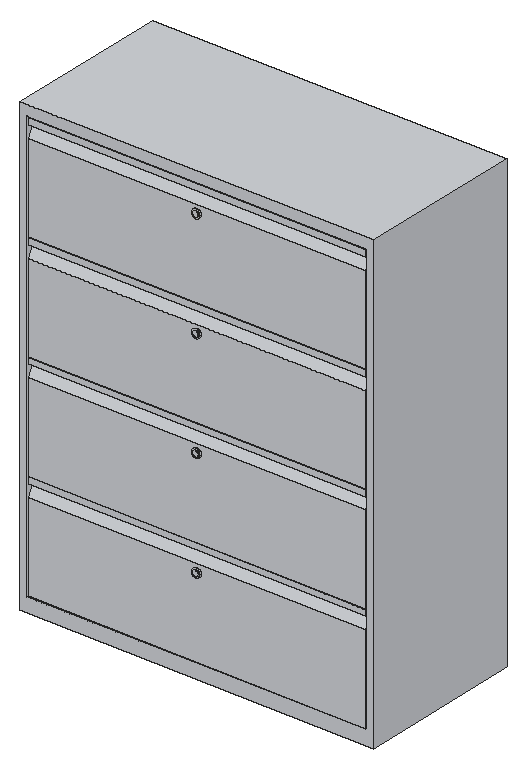
Revit family "BISLEY_SystemFile_Drawer_Units", category Furniture, Revit 2018
Family settings
  OmniClass Number = 23.40.20.00
  OmniClass Title = General Furniture and Specialties
  Work Plane-Based = No
  Always vertical = Yes
  Cut with Voids When Loaded = No
  Shared = No
  Room Calculation Point = No
Parameters (values of type "SYCI10/40/0/4")
  Width = 1000 mm
  Warranty = "10 Years"  # constant formula
  Uniclass2015Version = "V1.1"  # constant formula
  Uniclass2015Title = "Shelves and Storage Units"  # constant formula
  Uniclass 2015 Code = "PR_40_30_25"  # constant formula
  URL = "www.bisley.com"
  Training Requirements for Operational Use = "N/A"  # constant formula
  Routine Maintenance = "We recommend you clean your unit with warm water and a mild detergent solution. A damp cloth can be used to remove dust particles."  # constant formula
  Range = "SystemFile"  # constant formula
  Product Information = ""
  Number of drawers = 4
  Name = "Drawer Unit"  # constant formula
  Model Reference = "SYCI10/40/0/4"
  Model Number = ""
  Material = "Steel"  # constant formula
  Manufacturer = "Bisley"  # constant formula
  Individual Locks = yes
  Height = 1301 mm
  Fittings = ""
  Finish = "Powder Coated"  # constant formula
  Drawer width2 = -(Width / 2 - 23 mm)  # -477 mm
  Drawer width1 = Width / 2 - 23 mm  # 477 mm
  Description = "4 drawers with security drawer divider plates"
  Depth = 470 mm
  Compliance Standards Certification = "BS EN 14073 2004 Part 2 & 3, BS EN 14074, BS 4875 1998 Part 7 level 4 & Part 8, BS 476 Part 7 1987 Class 2Y"  # constant formula
  Code = ""
  Central Lock = no
  Category = "Furniture"  # constant formula
  Author = "Bisley"  # constant formula
Types (13, lengths in mm): name | Width | Number of drawers | Model Reference | Individual Locks | Height | Drawer width2 | Drawer width1 | Description | Central Lock
  (no name) | 1000 | 4 | "SYCI10/40/0/4" | yes | 1301 | -477 | 477 | "4 drawers with security drawer divider plates" | no
  SYC08/0/2 | 800 | 2 | "SYC08/0/2" | no | 693 | -377 | 377 | "2 Drawers and Counterbalance" | yes
  SYC08/0/3 | 800 | 3 | "SYC08/0/3" | no | 997 | -377 | 377 | "3 Drawers and Counterbalance" | yes
  SYC08/0/4 | 800 | 4 | "SYC08/0/4" | no | 1301 | -377 | 377 | "4 Drawers and Counterbalance" | yes
  SYC10/0/2 | 1000 | 2 | "SYC10/0/2" | no | 693 | -477 | 477 | "2 Drawers and Counterbalance" | yes
  SYC10/0/3 | 1000 | 3 | "SYC10/0/3" | no | 997 | -477 | 477 | "3 Drawers and Counterbalance" | yes
  SYC10/0/4 | 1000 | 4 | "SYC10/0/4" | no | 1301 | -477 | 477 | "4 Drawers and Counterbalance" | yes
  SYCI08/20/0/2 | 800 | 2 | "SYCI08/20/0/2" | yes | 693 | -377 | 377 | "2 drawers with securty divider plates" | no
  SYCI08/30/0/3 | 800 | 3 | "SYCI08/30/0/3" | yes | 997 | -377 | 377 | "3 drawers with security drawer divider plates" | no
  SYCI08/40/0/4 | 800 | 4 | "SYCI/40/0/4" | yes | 1301 | -377 | 377 | "4 Drawers with security drawer divider plates" | no
  SYCI10/20/0/2 | 1000 | 2 | "SYCI10/20/0/2" | yes | 693 | -477 | 477 | "2 drawers with security drawer divider plates" | no
  SYCI10/30/0/3 | 1000 | 3 | "SYCI10/30/0/3" | yes | 997 | -477 | 477 | "3 drawers with security drawer divider plates" | no
  SYCI10/40/0/4 | 1000 | 4 | "SYCI10/40/0/4" | yes | 1301 | -477 | 477 | "4 drawers with security drawer divider plates" | no
Reference planes
  plane 1 "Center (Front/Back)": y = 0
  plane 2: z = 7
  plane 3 "Center (Left/Right)": x = 0
  plane 4: x = -500
  plane 5: x = 500
  plane 6: y = 235
  plane 7: y = -235
  plane 8: z = 1308
  plane 9: z = 20
  plane 10: z = 1278
  plane 11: z = 60
  plane 12: x = -480
  plane 13: x = 480
  plane 14: y = 230
  plane 15: x = 477
  plane 16: y = -215
  plane 17: z = 62
  plane 18: x = -477
  plane 19: z = 363.5
  plane 20: z = 365.5
  plane 21: z = 1245
  plane 22: z = 978
  plane 23 "line l": x = 415
  plane 24 "line": x = -415
  plane 25: y = -190
  plane 26: y = 190
Forms (mm)
  Extrusion 1, solid
    sketch origin (0, 0, 7) x (1, 0, 0) y (0, 1, 0)
      loop
        line (-500, 235) -> (-500, -235) -> (500, -235) -> (500, 235) -> (-500, 235)
    from 13 to 1301
  Extrusion 2, void
    sketch origin (0, 0, 0) x (1, 0, 0) y (0, 0, 1)
      loop
        line (-480, 1278) -> (-480, 60) -> (480, 60) -> (480, 1278) -> (-480, 1278)
    from -230 to 235
  Extrusion 3, solid
    sketch origin (0, 0, -11) x (0, 0, -1) y (0, -1, 0)
      loop
        line (-375, 215) -> (-73.486, 215) -> (-73.486, 235) -> (-323.022, 235) -> (-358, 216.402) -> (-373.358, 216.402) -> (-373.358, 233.251) -> (-358, 233.251) -> (-358, 235) -> (-375, 235) -> (-375, 215)
    from -477 <- "Drawer width2" to 477 <- "Drawer width1"
  Extrusion 4, solid
    sketch origin (0, 0, 292.486) x (0, 0, -1) y (0, -1, 0)
      loop
        line (-375, 215) -> (-73.486, 215) -> (-73.486, 235) -> (-323.022, 235) -> (-358, 216.402) -> (-373.358, 216.402) -> (-373.358, 233.251) -> (-358, 233.251) -> (-358, 235) -> (-375, 235) -> (-375, 215)
    from -477 <- "Drawer width2" to 477 <- "Drawer width1"
  Extrusion 5, solid, not visible
    sketch origin (0, 0, -11) x (0, 0, -1) y (0, -1, 0)
      loop
        line (-375, 215) -> (-73.486, 215) -> (-73.486, 235) -> (-323.022, 235) -> (-358, 216.402) -> (-373.358, 216.402) -> (-373.358, 233.251) -> (-358, 233.251) -> (-358, 235) -> (-375, 235) -> (-375, 215)
    from -477 <- "Drawer width2" to 477 <- "Drawer width1"
  Extrusion 6, solid, visible <- "Central Lock"
    sketch origin (-0.031, 9.324, 1.065) x (1, 0, 0) y (0, 0, 1)
      loop
        circle (0, 1292.202) r 12
    from 244.324 to 250
  Extrusion 7, solid, visible <- "Central Lock"
    sketch origin (-0.031, 9.324, 1.065) x (1, 0, 0) y (0, 0, 1)
      loop
        circle (-0.041, 1292.074) r 7.706
    from 244.324 to 251.657
  Extrusion 8, solid
    sketch origin (0, 0, 7) x (1, 0, 0) y (0, 1, 0)
      loop
        circle (415, 190) r 25
      loop
        circle (415, -190) r 25
      loop
        circle (-415, -190) r 25
      loop
        circle (-415, 190) r 25
    from 0 to 9
  Extrusion 9, solid
    sketch origin (0, 0, 7) x (1, 0, 0) y (0, 1, 0)
      loop
        circle (-415, 190) r 10
      loop
        circle (415, 190) r 10
      loop
        circle (415, -190) r 10
      loop
        circle (-415, -190) r 10
    from 9 to 13
  Extrusion 10, solid, visible <- "Individual Locks"
    sketch origin (0, -235, 0) x (1, 0, 0) y (0, 0, 1)
      loop
        circle (0, 290.204) r 12
    from 0 to 3
  Extrusion 11, solid, visible <- "Individual Locks"
    sketch origin (0, -235, 0) x (1, 0, 0) y (0, 0, 1)
      loop
        circle (0, 290.204) r 7.7
    from 0 to 4.029
  Extrusion 12, solid, visible <- "Individual Locks"
    sketch origin (0, -235, 303.486) x (1, 0, 0) y (0, 0, 1)
      loop
        circle (0, 290.204) r 12
    from 0 to 3
  Extrusion 13, solid, visible <- "Individual Locks"
    sketch origin (0, -235, 303.486) x (1, 0, 0) y (0, 0, 1)
      loop
        circle (0, 290.204) r 7.7
    from 0 to 4.029
  Extrusion 14, solid
    sketch origin (0, 0, 595.973) x (0, 0, -1) y (0, -1, 0)
      loop
        line (-375, 215) -> (-73.486, 215) -> (-73.486, 235) -> (-323.022, 235) -> (-358, 216.402) -> (-373.358, 216.402) -> (-373.358, 233.251) -> (-358, 233.251) -> (-358, 235) -> (-375, 235) -> (-375, 215)
    from -477 <- "Drawer width2" to 477 <- "Drawer width1"
  Extrusion 15, solid
    sketch origin (0, 0, 899.459) x (0, 0, -1) y (0, -1, 0)
      loop
        line (-375, 215) -> (-73.486, 215) -> (-73.486, 235) -> (-323.022, 235) -> (-358, 216.402) -> (-373.358, 216.402) -> (-373.358, 233.251) -> (-358, 233.251) -> (-358, 235) -> (-375, 235) -> (-375, 215)
    from -477 <- "Drawer width2" to 477 <- "Drawer width1"
  Extrusion 16, solid, visible <- "Individual Locks"
    sketch origin (0, -235, 606.973) x (1, 0, 0) y (0, 0, 1)
      loop
        circle (0, 290.204) r 12
    from 0 to 3
  Extrusion 17, solid, visible <- "Individual Locks"
    sketch origin (0, -235, 606.973) x (1, 0, 0) y (0, 0, 1)
      loop
        circle (0, 290.204) r 7.7
    from 0 to 4.029
  Extrusion 18, solid, visible <- "Individual Locks"
    sketch origin (0, -235, 910.459) x (1, 0, 0) y (0, 0, 1)
      loop
        circle (0, 290.204) r 12
    from 0 to 3
  Extrusion 19, solid, visible <- "Individual Locks"
    sketch origin (0, -235, 910.459) x (1, 0, 0) y (0, 0, 1)
      loop
        circle (0, 290.204) r 7.7
    from 0 to 4.029
Cuts and joins
  Extrusion 2 cuts Extrusion 1
Dimensions and locks
  equal spacing: plane 4, plane 3 "Center (Left/Right)", plane 5
  equal spacing: plane 6, plane 1 "Center (Front/Back)", plane 7
  "Width": plane 4 to plane 5
  "Depth": plane 6 to plane 7
  locked: plane 9 to level at 13
  locked: plane 11 to plane 9 at 40
  locked: plane 8 to plane 10 at 30
  locked: plane 12 to plane 4 at 20
  locked: plane 5 to plane 13 at 20
  "Height": plane 8 to level
  locked: plane 14 to plane 6 at 5
  locked: plane 16 to cut or joined group of Extrusion 1, Extrusion 2 at 20
  plane 19 to plane 17 = 301.5 mm
  equal spacing: group 1, group 2, group 6, group 7  (x3)
  plane 21 to plane 22 = 267 mm
  plane 25 to plane 7 = 45 mm
  plane 6 to plane 26 = 45 mm
  equal spacing: plane 15, plane 3 "Center (Left/Right)", plane 18
  cut or joined group of Extrusion 1, Extrusion 2 to plane 18 = 3 mm
  equal spacing: group 4, group 5, group 8, group 9  (x3)
  locked: plane 12 to plane 24 "line" at 65
  locked: plane 23 "line l" to plane 13 at 65
  radius of Extrusion 9 sketch curve = 10 mm  (x4)
  aligned and locked: level to plane 2
  aligned and locked: Extrusion 1 sketch curve to plane 6
  aligned and locked: plane 4 to Extrusion 1 sketch curve
  aligned and locked: plane 7 to Extrusion 1 sketch curve
  aligned and locked: Extrusion 1 sketch curve to plane 5
  aligned and locked: Extrusion 1 to plane 9
  aligned and locked: plane 8 to Extrusion 1
  aligned and locked: Extrusion 2 sketch curve to plane 10
  aligned and locked: plane 12 to Extrusion 2 sketch curve
  aligned and locked: Extrusion 2 sketch curve to plane 11
  aligned and locked: Extrusion 2 sketch curve to plane 13
  aligned and locked: Extrusion 2 to plane 7
  aligned and locked: Extrusion 2 to plane 14
  aligned and locked: plane 26 to Extrusion 9 sketch curve  (x2)
  aligned and locked: plane 24 "line" to Extrusion 9 sketch curve  (x2)
  aligned and locked: plane 26 to Extrusion 8 sketch curve
  aligned and locked: plane 24 "line" to Extrusion 8 sketch curve
  aligned and locked: plane 25 to Extrusion 9 sketch curve  (x2)
  aligned and locked: plane 23 "line l" to Extrusion 9 sketch curve  (x2)
  aligned and locked: cut or joined group of Extrusion 1, Extrusion 2 to plane 12
  aligned and locked: plane 13 to cut or joined group of Extrusion 1, Extrusion 2
Automatic sketch dimensions
  Extrusion 3 sketch curve to Extrusion 3 sketch curve = 1.642 mm
  Extrusion 3 sketch curve to Extrusion 3 sketch curve = 15.358 mm  (x2)
  Extrusion 3 sketch curve to Extrusion 3 sketch curve = 34.978 mm
  Extrusion 3 sketch curve to Extrusion 3 sketch curve = 249.536 mm
  Extrusion 3 sketch curve to Extrusion 3 sketch curve = 1.402 mm
  Extrusion 3 sketch curve to Extrusion 3 sketch curve = 16.849 mm
  Extrusion 3 sketch curve to Extrusion 3 sketch curve = 1.749 mm
  Extrusion 3 sketch curve to Extrusion 3 sketch curve = 0 mm
  Extrusion 4 sketch curve to Extrusion 4 sketch curve = 1.642 mm
  Extrusion 4 sketch curve to Extrusion 4 sketch curve = 15.358 mm  (x2)
  Extrusion 4 sketch curve to Extrusion 4 sketch curve = 34.978 mm
  Extrusion 4 sketch curve to Extrusion 4 sketch curve = 249.536 mm
  Extrusion 4 sketch curve to Extrusion 4 sketch curve = 1.402 mm
  Extrusion 4 sketch curve to Extrusion 4 sketch curve = 16.849 mm
  Extrusion 4 sketch curve to Extrusion 4 sketch curve = 1.749 mm
  Extrusion 4 sketch curve to Extrusion 4 sketch curve = 0 mm
  Extrusion 5 sketch curve to Extrusion 5 sketch curve = 1.642 mm
  Extrusion 5 sketch curve to Extrusion 5 sketch curve = 15.358 mm  (x2)
  Extrusion 5 sketch curve to Extrusion 5 sketch curve = 34.978 mm
  Extrusion 5 sketch curve to Extrusion 5 sketch curve = 249.536 mm
  Extrusion 5 sketch curve to Extrusion 5 sketch curve = 1.402 mm
  Extrusion 5 sketch curve to Extrusion 5 sketch curve = 16.849 mm
  Extrusion 5 sketch curve to Extrusion 5 sketch curve = 1.749 mm
  Extrusion 5 sketch curve to Extrusion 5 sketch curve = 0 mm
  Extrusion 6 sketch curve to plane 3 "Center (Left/Right)" = 0.031 mm
  plane 10 to Extrusion 6 sketch curve = 15.267 mm
  Extrusion 7 sketch curve to plane 3 "Center (Left/Right)" = 0.073 mm
  plane 10 to Extrusion 7 sketch curve = 15.139 mm
  Extrusion 8 sketch curve to plane 24 "line" = 0 mm
  Extrusion 8 sketch curve to plane 23 "line l" = 0 mm  (x2)
  Extrusion 8 sketch curve to plane 25 = 0 mm  (x2)
  Extrusion 8 sketch curve to plane 26 = 0 mm
  Extrusion 14 sketch curve to Extrusion 14 sketch curve = 1.642 mm
  Extrusion 14 sketch curve to Extrusion 14 sketch curve = 15.358 mm  (x2)
  Extrusion 14 sketch curve to Extrusion 14 sketch curve = 34.978 mm
  Extrusion 14 sketch curve to Extrusion 14 sketch curve = 249.536 mm
  Extrusion 14 sketch curve to Extrusion 14 sketch curve = 1.402 mm
  Extrusion 14 sketch curve to Extrusion 14 sketch curve = 16.849 mm
  Extrusion 14 sketch curve to Extrusion 14 sketch curve = 1.749 mm
  Extrusion 14 sketch curve to Extrusion 14 sketch curve = 0 mm
  Extrusion 15 sketch curve to Extrusion 15 sketch curve = 1.642 mm
  Extrusion 15 sketch curve to Extrusion 15 sketch curve = 15.358 mm  (x2)
  Extrusion 15 sketch curve to Extrusion 15 sketch curve = 34.978 mm
  Extrusion 15 sketch curve to Extrusion 15 sketch curve = 249.536 mm
  Extrusion 15 sketch curve to Extrusion 15 sketch curve = 1.402 mm
  Extrusion 15 sketch curve to Extrusion 15 sketch curve = 16.849 mm
  Extrusion 15 sketch curve to Extrusion 15 sketch curve = 1.749 mm
  Extrusion 15 sketch curve to Extrusion 15 sketch curve = 0 mm
  radius of Extrusion 6 sketch curve = 12 mm
  radius of Extrusion 7 sketch curve = 7.706 mm
  radius of Extrusion 8 sketch curve = 25 mm  (x4)
  radius of Extrusion 10 sketch curve = 12 mm
  radius of Extrusion 11 sketch curve = 7.7 mm
  radius of Extrusion 12 sketch curve = 12 mm
  radius of Extrusion 13 sketch curve = 7.7 mm
  radius of Extrusion 16 sketch curve = 12 mm
  radius of Extrusion 17 sketch curve = 7.7 mm
  radius of Extrusion 18 sketch curve = 12 mm
  radius of Extrusion 19 sketch curve = 7.7 mm
